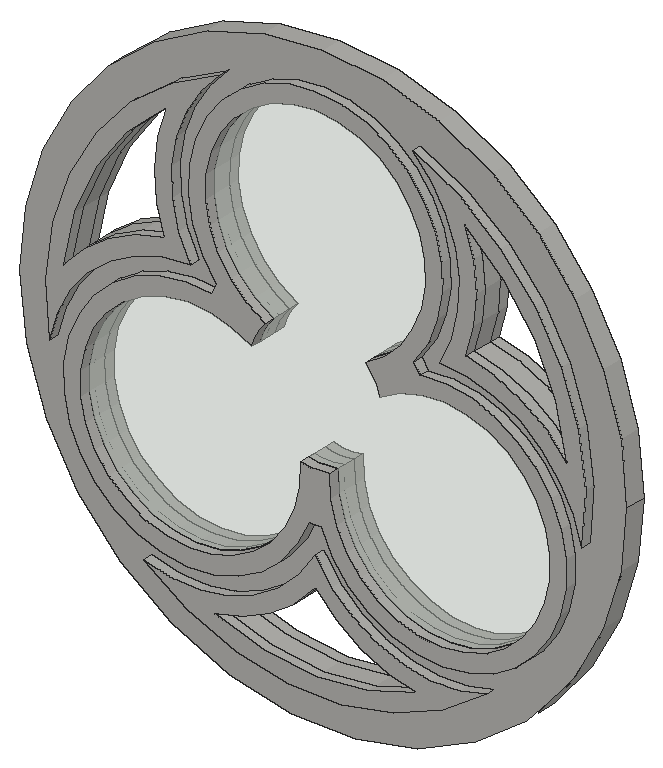
Revit family "GOTIC1", category Windows, host Wall, Revit 2012
Parameters (values of type "Radius 0.45m")
  Window_Stone = Window Stone
  Widht = 0.030 m
  URL = "www.revitcity.com"
  Radius2 [instance] = Radius / 2.75  # 0.163636 m
  Radius [instance] = 0.450 m
  Model = "Gotic 1"
  Manufacturer = "Typhoon"
  Height [instance] = 0.281818 m
  Glass Thickness [instance] = 0.010 m
  Glass ON/OFF [instance] = yes
  Glass = Window Glass
  Fix7 [instance] = Fix5 - 0.025 m  # 0.213636 m
  Fix6 [instance] = Fix4 + 0.025 m  # 0.400 m
  Fix5 [instance] = Radius2 + 0.075 m  # 0.238636 m
  Fix4 [instance] = Radius - 0.075 m  # 0.375 m
  Fix3 [instance] = Radius2 + 0.025 m  # 0.188636 m
  Fix2 [instance] = Radius2 + 0.010 m  # 0.173636 m
  Fix1 [instance] = 0.100 m
  Ext_offset [instance] = 0.050 m
  Description = "Gotic Window"
  Default Sill Height = 0.900 m
  Wall Closure = By host
  Width [instance] = 1.000 m
Types (4, lengths in m): name | Radius2 | Radius | Fix7 | Fix6 | Fix5 | Fix4 | Fix3 | Fix2
  (no name) | 0.163636 | 0.450 | 0.213636 | 0.400 | 0.238636 | 0.375 | 0.188636 | 0.173636
  Radius 0.55m | 0.200 | 0.550 | 0.250 | 0.500 | 0.275 | 0.475 | 0.225 | 0.210
  Radius 0.35m | 0.127273 | 0.350 | 0.177273 | 0.300 | 0.202273 | 0.275 | 0.152273 | 0.137273
  Radius 0.45m | 0.163636 | 0.450 | 0.213636 | 0.400 | 0.238636 | 0.375 | 0.188636 | 0.173636
Reference planes (m)
  plane 1 "Center (Front/Back)": y = 0
  plane 2 "Center (Left/Right)": x = 0
  plane 3 "Sill": z = 0.9
  plane 4 "Exterior": y = 0.1
  plane 5 "Interior": y = -0.1
Forms (m)
  Extrusion 1, solid, material "Window Stone" <- "Window_Stone"
    sketch origin (-5, -0.1, 0) x (1, 0, 0) y (0, 0, 1)
      loop
        circle (4.986979, 1.35) r 0.45
      loop
        arc (5.060798, 1.41746) -> (4.986979, 1.727136) -> (4.913161, 1.41746) r 0.163636
        arc (4.913161, 1.41746) -> (4.900377, 1.4) -> (4.891648, 1.380199) r 0.1
        arc (4.891648, 1.380199) -> (4.66037, 1.161432) -> (4.965467, 1.252341) r 0.163636
        arc (4.965467, 1.252341) -> (4.986979, 1.25) -> (5.008492, 1.252341) r 0.1
        arc (5.008492, 1.252341) -> (5.313589, 1.161432) -> (5.082311, 1.380199) r 0.163636
        arc (5.082311, 1.380199) -> (5.073582, 1.4) -> (5.060798, 1.41746) r 0.1
      loop
        arc (4.765648, 1.652717) -> (4.66222, 1.5375) -> (4.614153, 1.39032) r 0.375
        arc (4.614153, 1.39032) -> (4.680667, 1.44869) -> (4.763877, 1.478808) r 0.238636
        arc (4.763877, 1.478808) -> (4.748355, 1.56593) -> (4.765648, 1.652717) r 0.238636
      loop
        arc (5.359806, 1.39032) -> (5.311739, 1.5375) -> (5.208311, 1.652717) r 0.375
        arc (5.208311, 1.652717) -> (5.225603, 1.56593) -> (5.210082, 1.478808) r 0.238636
        arc (5.210082, 1.478808) -> (5.293292, 1.44869) -> (5.359806, 1.39032) r 0.238636
      loop
        arc (4.835485, 1.006963) -> (4.986979, 0.975) -> (5.138474, 1.006963) r 0.375
        arc (5.138474, 1.006963) -> (5.054668, 1.035381) -> (4.986979, 1.092383) r 0.238636
        arc (4.986979, 1.092383) -> (4.919291, 1.035381) -> (4.835485, 1.006963) r 0.238636
    from -0.15 to -0.12
  Extrusion 2, solid, material "Window Stone" <- "Window_Stone"
    sketch origin (-5, 0.05, 0) x (-1, 0, 0) y (0, 0, 1)
      loop
        arc (-4.913161, 1.41746) -> (-4.986979, 1.727136) -> (-5.060798, 1.41746) r 0.163636
        arc (-5.060798, 1.41746) -> (-5.073582, 1.4) -> (-5.082311, 1.380199) r 0.1
        arc (-5.082311, 1.380199) -> (-5.313589, 1.161432) -> (-5.008492, 1.252341) r 0.163636
        arc (-5.008492, 1.252341) -> (-4.986979, 1.25) -> (-4.965467, 1.252341) r 0.1
        arc (-4.965467, 1.252341) -> (-4.66037, 1.161432) -> (-4.891648, 1.380199) r 0.163636
        arc (-4.891648, 1.380199) -> (-4.900377, 1.4) -> (-4.913161, 1.41746) r 0.1
      loop
        arc (-4.841003, 1.444023) -> (-4.986979, 1.752136) -> (-5.132956, 1.444023) r 0.188636
        arc (-5.132956, 1.444023) -> (-5.137353, 1.436818) -> (-5.141394, 1.429408) r 0.173636
        arc (-5.141394, 1.429408) -> (-5.335239, 1.148932) -> (-4.995418, 1.176569) r 0.188636
        arc (-4.995418, 1.176569) -> (-4.986979, 1.176364) -> (-4.978541, 1.176569) r 0.173636
        arc (-4.978541, 1.176569) -> (-4.63872, 1.148932) -> (-4.832564, 1.429408) r 0.188636
        arc (-4.832564, 1.429408) -> (-4.836606, 1.436818) -> (-4.841003, 1.444023) r 0.173636
    from 0 to 0.015
  Extrusion 3, solid, material "Window Stone" <- "Window_Stone"
    sketch origin (-5, 0.02, 0) x (1, 0, 0) y (0, 0, 1)
      loop
        arc (4.965467, 1.252341) -> (4.986979, 1.25) -> (5.008492, 1.252341) r 0.1
        arc (5.008492, 1.252341) -> (5.313589, 1.161432) -> (5.082311, 1.380199) r 0.163636
        arc (5.082311, 1.380199) -> (5.073582, 1.4) -> (5.060798, 1.41746) r 0.1
        arc (5.060798, 1.41746) -> (4.986979, 1.727136) -> (4.913161, 1.41746) r 0.163636
        arc (4.913161, 1.41746) -> (4.900377, 1.4) -> (4.891648, 1.380199) r 0.1
        arc (4.891648, 1.380199) -> (4.66037, 1.161432) -> (4.965467, 1.252341) r 0.163636
      loop
        arc (4.995418, 1.176569) -> (5.335239, 1.148932) -> (5.141394, 1.429408) r 0.188636
        arc (5.141394, 1.429408) -> (5.137353, 1.436818) -> (5.132956, 1.444023) r 0.173636
        arc (5.132956, 1.444023) -> (4.986979, 1.752136) -> (4.841003, 1.444023) r 0.188636
        arc (4.841003, 1.444023) -> (4.836606, 1.436818) -> (4.832564, 1.429408) r 0.173636
        arc (4.832564, 1.429408) -> (4.63872, 1.148932) -> (4.978541, 1.176569) r 0.188636
        arc (4.978541, 1.176569) -> (4.986979, 1.176364) -> (4.995418, 1.176569) r 0.173636
    from 0 to 0.015
  Extrusion 4, solid, material "Window Glass" <- "Glass", visible <- "Glass ON/OFF"
    sketch origin (-5, 0.02, 0) x (1, 0, 0) y (0, 0, 1)
      loop
        arc (4.965467, 1.252341) -> (4.986979, 1.25) -> (5.008492, 1.252341) r 0.1
        arc (5.008492, 1.252341) -> (5.313589, 1.161432) -> (5.082311, 1.380199) r 0.163636
        arc (5.082311, 1.380199) -> (5.073582, 1.4) -> (5.060798, 1.41746) r 0.1
        arc (5.060798, 1.41746) -> (4.986979, 1.727136) -> (4.913161, 1.41746) r 0.163636
        arc (4.913161, 1.41746) -> (4.900377, 1.4) -> (4.891648, 1.380199) r 0.1
        arc (4.891648, 1.380199) -> (4.66037, 1.161432) -> (4.965467, 1.252341) r 0.163636
    from -0.01 to 0
  Extrusion 5, solid, material "Window Stone" <- "Window_Stone"
    sketch origin (-5, 0.05, 0) x (-1, 0, 0) y (0, 0, 1)
      loop
        arc (-5.138474, 1.006963) -> (-4.986979, 0.975) -> (-4.835485, 1.006963) r 0.375
        arc (-4.835485, 1.006963) -> (-4.919291, 1.035381) -> (-4.986979, 1.092383) r 0.238636
        arc (-4.986979, 1.092383) -> (-5.054668, 1.035381) -> (-5.138474, 1.006963) r 0.238636
      loop
        arc (-4.986979, 1.136227) -> (-5.097054, 1.043145) -> (-5.241196, 1.041173) r 0.213636
        arc (-5.241196, 1.041173) -> (-4.986979, 0.95) -> (-4.732763, 1.041173) r 0.4
        arc (-4.732763, 1.041173) -> (-4.876905, 1.043145) -> (-4.986979, 1.136227) r 0.213636
    from 0 to 0.015
  Extrusion 6, solid, material "Window Stone" <- "Window_Stone"
    sketch origin (-5, 0.05, 0) x (-1, 0, 0) y (0, 0, 1)
      loop
        arc (-4.614153, 1.39032) -> (-4.66222, 1.5375) -> (-4.765648, 1.652717) r 0.375
        arc (-4.765648, 1.652717) -> (-4.748355, 1.56593) -> (-4.763877, 1.478808) r 0.238636
        arc (-4.763877, 1.478808) -> (-4.680667, 1.44869) -> (-4.614153, 1.39032) r 0.238636
      loop
        arc (-4.592419, 1.284256) -> (-4.639658, 1.548413) -> (-4.843214, 1.723271) r 0.4
        arc (-4.843214, 1.723271) -> (-4.775752, 1.597241) -> (-4.802864, 1.456885) r 0.213636
        arc (-4.802864, 1.456885) -> (-4.666591, 1.408423) -> (-4.592419, 1.284256) r 0.213636
    from 0 to 0.015
  Extrusion 7, solid, material "Window Stone" <- "Window_Stone"
    sketch origin (-5, 0.05, 0) x (-1, 0, 0) y (0, 0, 1)
      loop
        arc (-5.210082, 1.478808) -> (-5.225603, 1.56593) -> (-5.208311, 1.652717) r 0.238636
        arc (-5.208311, 1.652717) -> (-5.311739, 1.5375) -> (-5.359806, 1.39032) r 0.375
        arc (-5.359806, 1.39032) -> (-5.293292, 1.44869) -> (-5.210082, 1.478808) r 0.238636
      loop
        arc (-5.127323, 1.724571) -> (-5.33339, 1.55) -> (-5.38154, 1.284256) r 0.4
        arc (-5.38154, 1.284256) -> (-5.307761, 1.4081) -> (-5.172112, 1.456887) r 0.213636
        arc (-5.172112, 1.456887) -> (-5.197687, 1.598755) -> (-5.127323, 1.724571) r 0.213636
    from 0 to 0.015
  Extrusion 8, solid, material "Window Stone" <- "Window_Stone"
    sketch origin (-5, 0.02, 0) x (1, 0, 0) y (0, 0, 1)
      loop
        arc (5.138474, 1.006963) -> (5.054668, 1.035381) -> (4.986979, 1.092383) r 0.238636
        arc (4.986979, 1.092383) -> (4.919291, 1.035381) -> (4.835485, 1.006963) r 0.238636
        arc (4.835485, 1.006963) -> (4.986979, 0.975) -> (5.138474, 1.006963) r 0.375
      loop
        arc (5.241196, 1.041173) -> (5.097054, 1.043145) -> (4.986979, 1.136227) r 0.213636
        arc (4.986979, 1.136227) -> (4.876905, 1.043145) -> (4.732763, 1.041173) r 0.213636
        arc (4.732763, 1.041173) -> (4.986979, 0.95) -> (5.241196, 1.041173) r 0.4
    from 0 to 0.015
  Extrusion 9, solid, material "Window Stone" <- "Window_Stone"
    sketch origin (-5, 0.02, 0) x (1, 0, 0) y (0, 0, 1)
      loop
        arc (4.614153, 1.39032) -> (4.680667, 1.44869) -> (4.763877, 1.478808) r 0.238636
        arc (4.763877, 1.478808) -> (4.748355, 1.56593) -> (4.765648, 1.652717) r 0.238636
        arc (4.765648, 1.652717) -> (4.66222, 1.5375) -> (4.614153, 1.39032) r 0.375
      loop
        arc (4.592419, 1.284256) -> (4.666198, 1.4081) -> (4.801847, 1.456887) r 0.213636
        arc (4.801847, 1.456887) -> (4.776272, 1.598755) -> (4.846636, 1.724571) r 0.213636
        arc (4.846636, 1.724571) -> (4.640569, 1.55) -> (4.592419, 1.284256) r 0.4
    from 0 to 0.015
  Extrusion 10, solid, material "Window Stone" <- "Window_Stone"
    sketch origin (-5, 0.02, 0) x (1, 0, 0) y (0, 0, 1)
      loop
        arc (5.208311, 1.652717) -> (5.225603, 1.56593) -> (5.210082, 1.478808) r 0.238636
        arc (5.210082, 1.478808) -> (5.293292, 1.44869) -> (5.359806, 1.39032) r 0.238636
        arc (5.359806, 1.39032) -> (5.311739, 1.5375) -> (5.208311, 1.652717) r 0.375
      loop
        arc (5.38154, 1.284256) -> (5.334301, 1.548413) -> (5.130745, 1.723271) r 0.4
        arc (5.130745, 1.723271) -> (5.198206, 1.597241) -> (5.171095, 1.456885) r 0.213636
        arc (5.171095, 1.456885) -> (5.307368, 1.408423) -> (5.38154, 1.284256) r 0.213636
    from 0 to 0.015
Cuts and joins
  joined: Extrusion 1, Extrusion 2, Extrusion 3, Extrusion 5, Extrusion 6, Extrusion 7, Extrusion 8, Extrusion 9, Extrusion 10
Lines and regions (m)
  Opening 1
    outline origin (3.5, -0.1, -0.353) x (1, 0, 0) y (0, 0, 1)
      loop
        circle (-3.513021, 1.703) r 0.45
Text (m)
  text "EXTERIOR" at (-1.039917, 0.372859, 0), in view "Ref. Level"
  text "INTERIOR" at (-1.039917, -0.315105, 0), in view "Ref. Level"
  text "Exterior" at (0, 0.923751, 2.943296), in view "Right"
  text "Exterior" at (0, 1.040484, 2.685409), in view "Left"
Dimensions and locks (m)
  "Default Sill Height": plane 3 "Sill" to level
  locked: plane 4 "Exterior" to host wall at 0
  locked: plane 5 "Interior" to host wall
  locked: plane 3 "Sill" to Opening 1 sketch curve at 0
  locked: plane 3 "Sill" to Extrusion 1 sketch curve at 0
  "Widht": Extrusion 1 to Extrusion 1
  "Ext_offset": Extrusion 1 to plane 4 "Exterior"
  "Glass Thickness": Extrusion 4 to Extrusion 4
  "Radius": radius of Opening 1 sketch curve
  "Radius": radius of Extrusion 1 sketch curve
  "Radius2": radius of Extrusion 1 sketch curve  (x3)
  "Fix1": radius of Extrusion 1 sketch curve  (x3)
  "Fix2": radius of Extrusion 2 sketch curve  (x3)
  "Fix3": radius of Extrusion 2 sketch curve  (x3)
  "Fix2": radius of Extrusion 3 sketch curve  (x3)
  "Fix3": radius of Extrusion 3 sketch curve  (x3)
  "Fix4": radius of Extrusion 1 sketch curve  (x3)
  "Fix5": radius of Extrusion 1 sketch curve  (x6)
  "Fix6": radius of Extrusion 5 sketch curve
  "Fix7": radius of Extrusion 5 sketch curve  (x2)
  "Fix6": radius of Extrusion 6 sketch curve
  "Fix7": radius of Extrusion 6 sketch curve  (x2)
  "Fix7": radius of Extrusion 7 sketch curve  (x2)
  "Fix6": radius of Extrusion 7 sketch curve
  "Fix6": radius of Extrusion 8 sketch curve
  "Fix7": radius of Extrusion 8 sketch curve  (x2)
  "Fix6": radius of Extrusion 9 sketch curve
  "Fix7": radius of Extrusion 9 sketch curve  (x2)
  "Fix6": radius of Extrusion 10 sketch curve
  "Fix7": radius of Extrusion 10 sketch curve  (x2)
  aligned and locked: Extrusion 2 sketch curve to Extrusion 1  (x6)
  aligned and locked: Extrusion 3 sketch curve to Extrusion 1  (x6)
  aligned and locked: Extrusion 4 sketch curve to Extrusion 1  (x6)
  aligned and locked: Extrusion 1 to Extrusion 4
  aligned and locked: Extrusion 5 sketch curve to Extrusion 1  (x3)
  aligned and locked: Extrusion 6 sketch curve to Extrusion 1  (x3)
  aligned and locked: Extrusion 7 sketch curve to Extrusion 1  (x3)
  aligned and locked: Extrusion 8 sketch curve to Extrusion 1  (x3)
  aligned and locked: Extrusion 9 sketch curve to Extrusion 1  (x3)
  aligned and locked: Extrusion 10 sketch curve to Extrusion 1  (x3)
Automatic sketch dimensions
  plane 2 "Center (Left/Right)" to Opening 1 sketch curve = 0.013021 m
  Extrusion 1 sketch curve to Extrusion 1 sketch curve = 0.000 m  (x27)
  plane 2 "Center (Left/Right)" to Extrusion 1 sketch curve = 0.013021 m  (x2)
  Extrusion 1 sketch curve to plane 2 "Center (Left/Right)" = 0.008492 m
  Extrusion 2 sketch curve to Extrusion 2 sketch curve = 0.000 m  (x12)
  Extrusion 1 sketch curve to Extrusion 1 sketch curve = 0.021512 m  (x2)
  Extrusion 3 sketch curve to Extrusion 3 sketch curve = 0.000 m  (x12)
  plane 2 "Center (Left/Right)" to Extrusion 1 sketch curve = 0.086839 m
  Extrusion 5 sketch curve to Extrusion 5 sketch curve = 0.000 m  (x6)
  Extrusion 6 sketch curve to Extrusion 6 sketch curve = 0.038987 m
  Extrusion 6 sketch curve to Extrusion 6 sketch curve = 0.000 m  (x5)
  Extrusion 7 sketch curve to Extrusion 7 sketch curve = 0.000 m  (x6)
  Extrusion 8 sketch curve to Extrusion 8 sketch curve = 0.000 m  (x6)
  Extrusion 9 sketch curve to Extrusion 9 sketch curve = 0.000 m  (x6)
  Extrusion 10 sketch curve to Extrusion 10 sketch curve = 0.038987 m
  Extrusion 10 sketch curve to Extrusion 10 sketch curve = 0.000 m  (x5)
